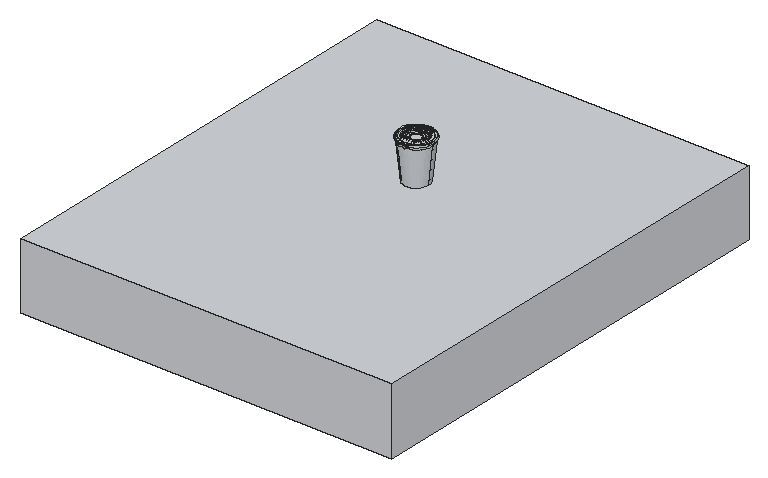
Revit family "Alcon-9031-Revit-Family", category Luminarias, Revit 2025
Family settings
  Anfitrión = Cara
  Cota de conector redondo = Usar diámetro
  Tipo de pieza = Normal
  Corte con vacíos al cargar = No
  Origen de luz = Sí
  Mantener orientación de anotación = No
  Compartido = No
  Punto de cálculo de habitación = No
Parameters
  Tilt Angle = 60.00°
  built-in parameter 1010506 = 0.5236 (stored number, unit not read)
  built-in parameter 1010507 = 1.5708 (stored number, unit not read)
  Wattage = 9.2903 W
  URL = "https://www.alconlighting.com/sophia-9031.html"
  built-in parameter 1150107 = 3200 (stored number, unit not read)
  TOP FINISH = none
  built-in parameter 1150110 = 1 (stored number, unit not read)
  built-in parameter 1150109 = 1 (stored number, unit not read)
  built-in parameter 1150112 = 1 (stored number, unit not read)
  built-in parameter 1150113 = 1 (stored number, unit not read)
  built-in parameter 1114218 = 1 (stored number, unit not read)
  Product Page = "https://www.alconlighting.com/sophia-9031.html"
  Product Data URL = "https://www.alconlighting.com/sophia-9031.html"
  built-in parameter 1150137 = (empty or 0)
  built-in parameter 1150132 = (empty or 0)
  Modelo = "Alcon Lighting 9031"
  Longitud de símbolo de origen de luz = 10' - 0"
  Link to IES File = "https://www.alconlighting.com/sophia-9031.html"
  LENS GLASS = Glass
  built-in parameter 1150105 = 4614.1 (stored number, unit not read)
  built-in parameter 1150102 = (empty or 0)
  built-in parameter 1150106 = 46.141 (stored number, unit not read)
  Lumens = 1380 lm
  Color Filter = 16777215
  built-in parameter 1114217 = 1 (stored number, unit not read)
  built-in parameter 1150139 = (empty or 0)
  Fabricante = "Alcon Lighting"
  Default Elevation = 4' - 0"
  built-in parameter 1150104 = 13.8 (stored number, unit not read)
  built-in parameter 1150115 = 1 (stored number, unit not read)
  built-in parameter 1150114 = 1 (stored number, unit not read)
  built-in parameter 1150138 = (empty or 0)
  built-in parameter 1150134 = 3
  Dimming Lamp Color Temperature Shift = (empty or 0)
  built-in parameter 1150133 = 10 (stored number, unit not read)
Reference planes (in)
  plane 1 "Center (Front/Back)": y = 0
  plane 2: z = 0
  plane 3 "Center (Left/Right)": x = 0
Forms (in)
  Extrusion 1, solid
    sketch origin (0, 0, 0) x (1, 0, 0) y (0, 1, 0)
      loop
        line (-33, 32.41633) -> (-33, -48) -> (33.96505, -48) -> (33.96505, 32.41633) -> (-33, 32.41633)
    from 0 to -12
  Revolve 2, solid
    sketch origin (0.00003, 0, 0) x (1, 0, 0) y (0, 0, 1)
      loop
        line (2.26355, 0) -> (2.94716, 6.50408) -> (2.80792, 6.50408) -> (2.13745, 0.125) -> (0, 0.125) -> (0, 0) -> (2.26355, 0)
      axis (0, 6.50408) -> (0, 0)
    angle from 0 to 360
  Revolve 3, solid
    sketch origin (0.00003, 0, -0.13281) x (1, 0, 0) y (0, 0, 1)
      loop
        arc (3.01671, 7.29866) -> (3.06781, 7.32672) -> (3.125, 7.33807) r 0.19115
        arc (3.125, 7.33807) -> (2.91245, 7.36125) -> (2.69972, 7.38269) r 26.24008
        line (2.69972, 7.38269) -> (2.69972, 6.95194) -> (2.6755, 6.70748) -> (2.41914, 6.70748) -> (2.41173, 6.63689) -> (2.94716, 6.63689) -> (3.01671, 7.29866)
      axis (0, 7.38269) -> (0, 6.63689)
    angle from 0 to 360
  Extrusion 4, solid
    sketch origin (13.60078, -3.76583, 0) x (1, 0, 0) y (0, 1, 0)
      loop
        circle (-13.60075, 3.76583) r 2.69972
      loop
        arc (-12.13151, 2.06651) -> (-11.92244, 2.27264) -> (-11.74204, 2.50427) r 2.24641
        line (-11.74204, 2.50427) -> (-12.56918, 2.50427)
        arc (-12.56918, 2.50427) -> (-13.61151, 2.12721) -> (-14.65384, 2.50427) r 1.62919
        line (-14.65384, 2.50427) -> (-15.45946, 2.50427)
        arc (-15.45946, 2.50427) -> (-15.27906, 2.27264) -> (-15.06999, 2.06651) r 2.24641
        line (-15.06999, 2.06651) -> (-12.13151, 2.06651)
      loop
        arc (-14.82561, 1.88274) -> (-13.60075, 1.51943) -> (-12.37588, 1.88274) r 2.24641
        line (-12.37588, 1.88274) -> (-14.82561, 1.88274)
      loop
        line (-12.38256, 2.68684) -> (-11.63044, 2.68684)
        arc (-11.63044, 2.68684) -> (-11.52588, 2.90486) -> (-11.44537, 3.13285) r 2.24641
        line (-11.44537, 3.13285) -> (-12.10637, 3.13285)
        arc (-12.10637, 3.13285) -> (-12.22639, 2.89866) -> (-12.38256, 2.68684) r 1.62919
      loop
        line (-12.04313, 3.31542) -> (-11.39996, 3.31542)
        arc (-11.39996, 3.31542) -> (-11.36725, 3.52539) -> (-11.35452, 3.73751) r 2.24641
        line (-11.35452, 3.73751) -> (-12.02605, 3.73751) -> (-12.01676, 3.42317)
        arc (-12.01676, 3.42317) -> (-12.02903, 3.36907) -> (-12.04313, 3.31542) r 1.62919
      loop
        line (-12.03144, 3.92008) -> (-11.35965, 3.92008)
        arc (-11.35965, 3.92008) -> (-11.38497, 4.13553) -> (-11.43096, 4.34753) r 2.24641
        line (-11.43096, 4.34753) -> (-12.04407, 4.34753) -> (-12.03144, 3.92008)
      loop
        line (-12.04946, 4.5301) -> (-11.48835, 4.5301)
        arc (-11.48835, 4.5301) -> (-11.58046, 4.74805) -> (-11.69498, 4.9551) r 2.24641
        line (-11.69498, 4.9551) -> (-12.10797, 4.9551)
        arc (-12.10797, 4.9551) -> (-12.08124, 4.88447) -> (-12.05781, 4.81268) r 1.62985
        line (-12.05781, 4.81268) -> (-12.04946, 4.5301)
      loop
        arc (-15.1746, 4.82797) -> (-15.15318, 4.89201) -> (-15.12912, 4.9551) r 1.62985
        line (-15.12912, 4.9551) -> (-15.50652, 4.9551)
        arc (-15.50652, 4.9551) -> (-15.62104, 4.74805) -> (-15.71315, 4.5301) r 2.24641
        line (-15.71315, 4.5301) -> (-15.18119, 4.5301) -> (-15.1746, 4.82797)
      loop
        line (-12.19551, 5.13768) -> (-11.82188, 5.13768)
        arc (-11.82188, 5.13768) -> (-12.01248, 5.35446) -> (-12.22931, 5.54501) r 2.24641
        line (-12.22931, 5.54501) -> (-12.51774, 5.54501)
        arc (-12.51774, 5.54501) -> (-12.34029, 5.35426) -> (-12.19551, 5.13768) r 1.62985
      loop
        arc (-12.21426, 4.78675) -> (-13.61065, 5.81576) -> (-15.01799, 4.80178) r 1.4727
        line (-15.01799, 4.80178) -> (-15.04821, 3.43579)
        arc (-15.04821, 3.43579) -> (-13.61059, 2.28435) -> (-12.1744, 3.43759) r 1.47204
        line (-12.1744, 3.43759) -> (-12.21426, 4.78675)
      loop
        line (-15.20573, 3.42068) -> (-15.19872, 3.73751) -> (-15.84698, 3.73751)
        arc (-15.84698, 3.73751) -> (-15.83425, 3.52539) -> (-15.80154, 3.31542) r 2.24641
        line (-15.80154, 3.31542) -> (-15.17988, 3.31542)
        arc (-15.17988, 3.31542) -> (-15.19368, 3.36784) -> (-15.20573, 3.42068) r 1.62919
      loop
        line (-15.57106, 2.68684) -> (-14.84046, 2.68684)
        arc (-14.84046, 2.68684) -> (-14.99662, 2.89866) -> (-15.11665, 3.13285) r 1.62919
        line (-15.11665, 3.13285) -> (-15.75613, 3.13285)
        arc (-15.75613, 3.13285) -> (-15.67562, 2.90486) -> (-15.57106, 2.68684) r 2.24641
      loop
        line (-15.84185, 3.92008) -> (-15.19468, 3.92008) -> (-15.18523, 4.34753) -> (-15.77053, 4.34753)
        arc (-15.77053, 4.34753) -> (-15.81653, 4.13553) -> (-15.84185, 3.92008) r 2.24641
      loop
        line (-15.37962, 5.13768) -> (-15.04158, 5.13768)
        arc (-15.04158, 5.13768) -> (-14.8968, 5.35426) -> (-14.71935, 5.54501) r 1.62985
        line (-14.71935, 5.54501) -> (-14.97219, 5.54501)
        arc (-14.97219, 5.54501) -> (-15.18902, 5.35446) -> (-15.37962, 5.13768) r 2.24641
      loop
        line (-14.69522, 5.72759) -> (-14.47853, 5.72759)
        arc (-14.47853, 5.72759) -> (-13.61855, 5.97293) -> (-12.75857, 5.72759) r 1.62985
        line (-12.75857, 5.72759) -> (-12.50628, 5.72759)
        arc (-12.50628, 5.72759) -> (-13.60075, 6.01224) -> (-14.69522, 5.72759) r 2.24641
    from 7.16585 to 7.25
  Extrusion 5, solid
    sketch origin (0.00003, 0, 0) x (0, 1, 0) y (0, 0, 1)
      loop
        line (0.15425, 7.23575) -> (-0.15425, 7.23575) -> (-0.15425, 3.00142)
        arc (-0.15425, 3.00142) -> (0, 2.84717) -> (0.15425, 3.00142) r 0.15425
        line (0.15425, 3.00142) -> (0.15425, 7.23575)
      loop
        line (0.07222, 3.14204) -> (0.07222, 6.17716)
        arc (0.07222, 6.17716) -> (0, 6.24938) -> (-0.07222, 6.17716) r 0.07222
        line (-0.07222, 6.17716) -> (-0.07222, 3.14204)
        arc (-0.07222, 3.14204) -> (0, 3.06983) -> (0.07222, 3.14204) r 0.07222
    from 1.54294 to 1.58399
  Extrusion 6, solid
    sketch origin (0.00003, 0, 0) x (0, 1, 0) y (0, 0, -1)
      loop
        line (0.15425, -7.23575) -> (0.15425, -3.00142)
        arc (0.15425, -3.00142) -> (0, -2.84717) -> (-0.15425, -3.00142) r 0.15425
        line (-0.15425, -3.00142) -> (-0.15425, -7.23575) -> (0.15425, -7.23575)
      loop
        arc (0.07222, -3.14204) -> (0, -3.06983) -> (-0.07222, -3.14204) r 0.07222
        line (-0.07222, -3.14204) -> (-0.07222, -6.17716)
        arc (-0.07222, -6.17716) -> (0, -6.24938) -> (0.07222, -6.17716) r 0.07222
        line (0.07222, -6.17716) -> (0.07222, -3.14204)
    from 1.54294 to 1.58399
  Revolve 7, solid
    sketch origin (38.65629, 0, 0) x (-1, 0, 0) y (0, 0, -1)
      loop
        line (35.63955, -7.16585) -> (35.6601, -6.97029) -> (35.53126, -6.97029) -> (35.53126, -7.20526)
        arc (35.53126, -7.20526) -> (35.58844, -7.19391) -> (35.63955, -7.16585) r 0.19115
      axis (38.65626, -7.20526) -> (38.65626, -6.97029)
    angle from 0 to 360
Dimensions and locks (in)
  aligned and locked: plane 2 to Extrusion 1
  aligned and locked: level to Extrusion 1
Nested families (in)
  nested 1: "FIXTURE 9031.0014" at (0, 0, -48.14782), type "FIXTURE 9031.0014"
Definition of nested family "FIXTURE 9031.0014"
  Parameters (values of type "FIXTURE 9031.0014")
    built-in parameter 1010506 = 0.5236 (stored number, unit not read)
    built-in parameter 1010507 = 1.5708 (stored number, unit not read)
    Wattage = 16.1571 W
    built-in parameter 1150110 = 1 (stored number, unit not read)
    Light Source Symbol Length = 10' - 0"
    built-in parameter 1114217 = 1 (stored number, unit not read)
    Tilt Angle = 60.00°
    built-in parameter 1150109 = 1 (stored number, unit not read)
    built-in parameter 1150134 = (empty or 0)
    built-in parameter 1150113 = 1 (stored number, unit not read)
    MATERIAL LENTE = none
    Lumens = 2400 lm
    built-in parameter 1150115 = 1 (stored number, unit not read)
    built-in parameter 1150105 = 8024.6 (stored number, unit not read)
    built-in parameter 1150137 = (empty or 0)
    built-in parameter 1150139 = (empty or 0)
    built-in parameter 1150112 = 1 (stored number, unit not read)
    built-in parameter 1150114 = 1 (stored number, unit not read)
    LENS MATERIAL = none
    built-in parameter 1150132 = 2
    built-in parameter 1150102 = (empty or 0)
    built-in parameter 1150138 = (empty or 0)
    built-in parameter 1150107 = 3000 (stored number, unit not read)
    built-in parameter 1150106 = 80.246 (stored number, unit not read)
    FIXTURE MATERIAL = none
    built-in parameter 1150104 = 13.8 (stored number, unit not read)
    Dimming Lamp Color Temperature Shift = (empty or 0)
    Default Elevation = 0' - 0"
    Color Filter = 16777215
    built-in parameter 1114218 = 1 (stored number, unit not read)
    built-in parameter 1150133 = 10 (stored number, unit not read)
    ACC MATERIAL = none
  Reference planes (in)
    plane 1 "Light Source Axis (F/B)": y = 0
    plane 2: z = 0
    plane 3 "Light Source Axis (L/R)": x = 0
    plane 4 "Light Source Elevation": z = 55.11811
    plane 5: x = -1.54297
    plane 6: x = 1.54297
    plane 7: z = 55.11811
    plane 8: z = 55.11811
    plane 9: z = 54.12067
  Forms (in)
    Revolve 1, solid, material <- "FIXTURE MATERIAL"
      sketch origin (0, 0, -3.09375) x (1, 0, 0) y (0, 0, 1)
        loop
          line (0.95611, 58.21186) -> (0.95611, 58.1187) -> (0.98836, 58.1187) -> (0.98836, 57.21442) -> (1.31648, 57.21442) -> (1.31648, 58.21186) -> (0.95611, 58.21186)
        axis (0, 58.21186) -> (0, 57.21442)
      angle from 0 to 360
    Revolve 2, solid, material <- "FIXTURE MATERIAL"
      sketch origin (0, 0, -3.09375) x (1, 0, 0) y (0, 0, 1)
        loop
          line (1.31648, 57.21442) -> (0.98836, 57.21442) -> (0, 54.60916) -> (0.32811, 54.60916) -> (1.31648, 57.21442)
        axis (0, 54.60916) -> (0, 57.21442)
      angle from 0 to 360
    Extrusion 3, solid, material <- "FIXTURE MATERIAL"
      sketch origin (0, 0, -3.09375) x (0, 1, 0) y (0, 0, -1)
        loop
          circle (0, -56.78123) r 0.36127
      from 1.00089 to 1.54297
    Extrusion 4, solid, material <- "FIXTURE MATERIAL"
      sketch origin (0, 0, -3.09375) x (0, 1, 0) y (0, 0, 1)
        loop
          circle (0, 56.78123) r 0.36127
      from 1.00089 to 1.54297
    Extrusion 5, solid, material <- "LENS MATERIAL"
      sketch origin (0, 0, 52.02436) x (0, -1, 0) y (1, 0, 0)
        loop
          circle (0, 0) r 0.95611
      from 3.04285 to 3.0879
    Revolve 6, solid, material <- "ACC MATERIAL"
      sketch origin (0, 0, -3.09375) x (1, 0, 0) y (0, 0, 1)
        loop
          line (1.54297, 57.21442) -> (1.54297, 56.78123) -> (2.03514, 56.78123) -> (2.03514, 57.10325)
          arc (2.03514, 57.10325) -> (2.00258, 57.18186) -> (1.92396, 57.21442) r 0.11117
          line (1.92396, 57.21442) -> (1.54297, 57.21442)
        axis (1.54297, 56.78123) -> (2.03514, 56.78123)
      angle from 0 to 360
    Revolve 7, solid, material <- "ACC MATERIAL"
      sketch origin (0, 0, -3.09375) x (-1, 0, 0) y (0, 0, -1)
        loop
          line (1.54297, -57.21442) -> (1.92396, -57.21442)
          arc (1.92396, -57.21442) -> (2.00258, -57.18186) -> (2.03514, -57.10325) r 0.11117
          line (2.03514, -57.10325) -> (2.03514, -56.78123) -> (1.54297, -56.78123) -> (1.54297, -57.21442)
        axis (1.54297, -56.78123) -> (2.03514, -56.78123)
      angle from 0 to 360
  Dimensions and locks (in)
    aligned and locked: plane 1 "Light Source Axis (F/B)" to imposter light
    aligned and locked: plane 2 to level
